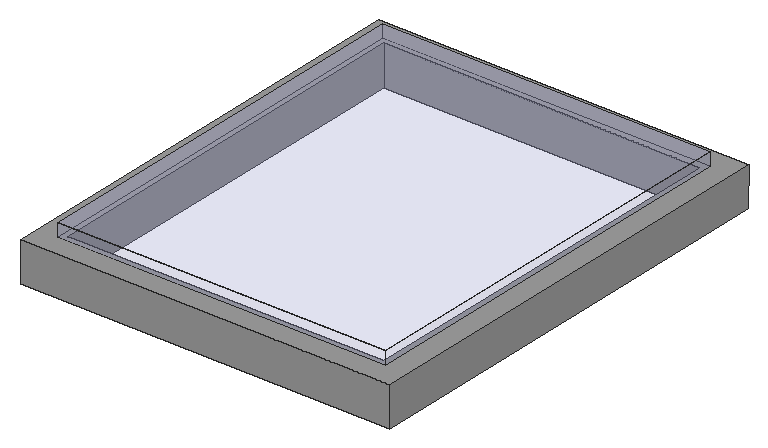
Revit family "WSL_A3-AU-Skylight-instance", category Generic Models, host Roof, Revit 2016
Family settings
  Host = Roof
  Part Type = Undefined
  Can host rebar = No
  Round Connector Dimension = Use Diameter
  Always vertical = No
  Cut with Voids When Loaded = No
  Shared = No
  Room Calculation Point = No
Parameters (values of type "Skylight")
  Width [instance] = 600 mm
  Depth [instance] = 750 mm
Reference planes
  plane 1 "Center (Front/Back)": y = -108.326
  plane 2 "Roof": z = 3657.6
  plane 3 "Center (Left/Right)": x = -16.924
  plane 4 "Right": x = 283.076
  plane 5 "Left": x = -316.924
  plane 6 "Front": y = 266.674
  plane 7 "Back": y = -483.326
  plane 8 "Top": z = 3810
  plane 9: z = 3910
Forms (mm)
  Extrusion 1, solid, material "Default Roof"
    sketch origin (0, 0, 3810) x (0, -1, 0) y (1, 0, 0)
      loop
        line (-266.674, -316.924) -> (483.326, -316.924) -> (483.326, 283.076) -> (-266.674, 283.076) -> (-266.674, -316.924)
      loop
        line (-316.674, 333.076) -> (-316.674, -366.924) -> (533.326, -366.924) -> (533.326, 333.076) -> (-316.674, 333.076)
    from 0 to 75
  Extrusion 2, solid, material "Glass"
    sketch origin (0, 0, 3810) x (0, -1, 0) y (1, 0, 0)
      loop
        line (-276.674, 293.076) -> (-276.674, -326.924) -> (493.326, -326.924) -> (493.326, 293.076) -> (-276.674, 293.076)
    from 75 to 100
Lines and regions (mm)
  Opening 1
    outline origin (0, 0, 3810) x (0, 1, 0) y (-1, 0, 0)
      loop
        line (266.674, 316.924) -> (-483.326, 316.924) -> (-483.326, -283.076) -> (266.674, -283.076) -> (266.674, 316.924)
  symbolic lines, style "Roof material"
    curve 1: line (-316.924, 266.674, 0) -> (283.076, 266.674, 0)
    curve 2: line (-316.924, -483.326, 0) -> (-316.924, 266.674, 0)
    curve 3: line (283.076, -483.326, 0) -> (-316.924, -483.326, 0)
    curve 4: line (283.076, 266.674, 0) -> (283.076, -483.326, 0)
Dimensions and locks
  equal spacing: host sketch curve, plane 3 "Center (Left/Right)", host sketch curve
  equal spacing: host sketch curve, plane 1 "Center (Front/Back)", host sketch curve
  equal spacing: plane 5 "Left", plane 3 "Center (Left/Right)", plane 4 "Right"
  "Width": plane 5 "Left" to plane 4 "Right"
  "Depth": plane 7 "Back" to plane 6 "Front"
  equal spacing: plane 7 "Back", plane 1 "Center (Front/Back)", plane 6 "Front"
  locked: Extrusion 2 sketch curve to Extrusion 1 at 10
  locked: Extrusion 1 to Extrusion 2 sketch curve at 10
  locked: plane 6 "Front" to Extrusion 2 sketch curve at 10
  locked: Extrusion 2 sketch curve to plane 7 "Back" at 10
  locked: plane 9 to plane 8 "Top" at 100
  aligned and locked: level to plane 2 "Roof"
  aligned and locked: plane 5 "Left" to Opening 1 sketch curve
  aligned and locked: plane 6 "Front" to Opening 1 sketch curve
  aligned and locked: plane 7 "Back" to Opening 1 sketch curve
  aligned and locked: plane 4 "Right" to Opening 1 sketch curve
  aligned and locked: plane 8 "Top" to host roof
  aligned and locked: host roof to Extrusion 1 sketch curve
  aligned and locked: Extrusion 1 sketch curve to host roof  (x3)
  aligned and locked: Extrusion 2 to Extrusion 1
  aligned and locked: Extrusion 2 to plane 9
  aligned and locked: curve 1 to host roof  (x2)
  aligned and locked: host roof to curve 4
  aligned and locked: curve 4 to host roof
Automatic sketch dimensions
  Extrusion 1 sketch curve to plane 6 "Front" = 50 mm
  plane 7 "Back" to Extrusion 1 sketch curve = 50 mm
  plane 5 "Left" to Extrusion 1 sketch curve = 50 mm
  Extrusion 1 sketch curve to plane 4 "Right" = 50 mm
